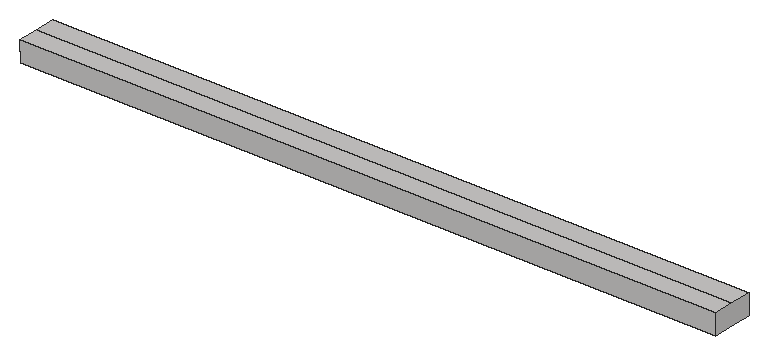
Revit family "Lighting_Ceiling-Mounted_Zero_Grid_Ceiling", category Lighting Fixtures, host Face, Revit 2020 (continued)
Definition of nested family "grid-ceiling"
  Lines and regions (mm)
    symbolic lines, detail levels fine
      curve 785: line (-410.8, 48, 0) -> (-410.8, -48, 0)
      curve 786: line (-398.9, 48, 0) -> (-398.9, -48, 0)
      curve 787: line (-387, 48, 0) -> (-387, -48, 0)
      curve 788: line (-375.1, 48, 0) -> (-375.1, -48, 0)
      curve 789: line (-363.2, 48, 0) -> (-363.2, -48, 0)
      curve 790: line (-351.3, 48, 0) -> (-351.3, -48, 0)
      curve 791: line (-339.4, 48, 0) -> (-339.4, -48, 0)
      curve 792: line (-327.5, 48, 0) -> (-327.5, -48, 0)
      curve 793: line (-315.6, 48, 0) -> (-315.6, -48, 0)
      curve 794: line (-303.7, 48, 0) -> (-303.7, -48, 0)
      curve 795: line (-291.8, 48, 0) -> (-291.8, -48, 0)
      curve 796: line (-279.9, 48, 0) -> (-279.9, -48, 0)
      curve 797: line (-268, 48, 0) -> (-268, -48, 0)
      curve 798: line (-256.1, 48, 0) -> (-256.1, -48, 0)
      curve 799: line (-244.2, 48, 0) -> (-244.2, -48, 0)
      curve 800: line (-232.3, 48, 0) -> (-232.3, -48, 0)
      curve 801: line (-220.4, 48, 0) -> (-220.4, -48, 0)
      curve 802: line (-208.5, 48, 0) -> (-208.5, -48, 0)
      curve 803: line (-196.6, 48, 0) -> (-196.6, -48, 0)
      curve 804: line (-184.7, 48, 0) -> (-184.7, -48, 0)
      curve 805: line (-172.8, 48, 0) -> (-172.8, -48, 0)
      curve 806: line (-160.9, 48, 0) -> (-160.9, -48, 0)
      curve 807: line (-149, 48, 0) -> (-149, -48, 0)
      curve 808: line (-137.1, 48, 0) -> (-137.1, -48, 0)
      curve 809: line (-125.2, 48, 0) -> (-125.2, -48, 0)
      curve 810: line (-113.3, 48, 0) -> (-113.3, -48, 0)
      curve 811: line (-101.4, 48, 0) -> (-101.4, -48, 0)
      curve 812: line (-89.5, 48, 0) -> (-89.5, -48, 0)
      curve 813: line (-77.6, 48, 0) -> (-77.6, -48, 0)
      curve 814: line (-65.7, 48, 0) -> (-65.7, -48, 0)
      curve 815: line (-53.8, 48, 0) -> (-53.8, -48, 0)
      curve 816: line (-41.9, 48, 0) -> (-41.9, -48, 0)
      curve 817: line (-30, 48, 0) -> (-30, -48, 0)
      curve 818: line (-18.1, 48, 0) -> (-18.1, -48, 0)
      curve 819: line (-6.2, 48, 0) -> (-6.2, -48, 0)
      curve 820: line (-0.307, 35, 0) -> (-601.2, 35, 0)
      curve 821: line (-601.9, 48, 0) -> (-601.9, -48, 0)
      curve 822: line (-0.307, -35, 0) -> (-601.2, -35, 0)
      curve 823: line (601.2, 37.3, 0) -> (-0.307, 37.3, 0)
      curve 824: line (601.2, 37.3, 0) -> (601.2, -35, 0)
      curve 825: line (0.307, -35, 0) -> (601.2, -35, 0)
      curve 826: line (601.2, 37.3, 0) -> (-0.307, 37.3, 0)
      curve 827: line (601.2, 37.3, 0) -> (601.2, -35, 0)
      curve 828: line (0.307, 35, 0) -> (601.2, 35, 0)
      curve 829: line (601.2, 37.3, 0) -> (601.2, -35, 0)
      curve 830: line (601.9, 0, 35) -> (-601.9, 0, 35)
      curve 831: line (0, 35, 35) -> (0, 0, 35)
      curve 832: line (0, 0, 35) -> (0, -35, 35)
    symbolic lines, detail levels medium+fine
      curve 670: line (-625, 0, 96) -> (-625, 0, 0)
      curve 671: line (-625, 0, 0) -> (625, 0, 0)
      curve 672: line (-625, 0, 96) -> (625, 0, 96)
      curve 673: line (625, 0, 0) -> (625, 0, 96)
      curve 674: line (0, -48, 96) -> (0, 48, 96)
      curve 675: line (0, 48, 96) -> (0, 48, 0)
      curve 676: line (0, -48, 96) -> (0, -48, 0)
      curve 677: line (0, -48, 0) -> (0, 48, 0)
      curve 694: line (-0.307, 48, 0) -> (625, 48, 0)
      curve 695: line (625, 48, 0) -> (625, -48, 0)
      curve 696: line (-0.307, -48, 0) -> (625, -48, 0)
      curve 757: line (-0.307, 48, 0) -> (-625, 48, 0)
      curve 758: line (-625, 48, 0) -> (-625, -48, 0)
      curve 759: line (-0.307, -48, 0) -> (-625, -48, 0)
  Dimensions and locks
    aligned and locked: level to plane 2
    aligned and locked: curve 547 to Extrusion 1
    aligned and locked: curve 549 to Extrusion 1
    aligned and locked: curve 550 to Extrusion 1
    aligned and locked: curve 551 to Extrusion 1
    aligned and locked: curve 552 to Extrusion 1
    aligned and locked: curve 553 to Extrusion 1
    aligned and locked: curve 662 to curve 293
    aligned and locked: curve 663 to curve 294
    aligned and locked: curve 664 to curve 295
    aligned and locked: curve 665 to curve 296
    aligned and locked: curve 666 to curve 297
    aligned and locked: curve 667 to curve 298
    aligned and locked: curve 668 to curve 299
    aligned and locked: curve 669 to curve 300
    aligned and locked: curve 670 to curve 302
    aligned and locked: curve 671 to curve 303
    aligned and locked: curve 672 to curve 546
    aligned and locked: curve 673 to curve 304
    aligned and locked: curve 674 to curve 540
    aligned and locked: curve 675 to curve 177
    aligned and locked: curve 676 to curve 302
    aligned and locked: curve 677 to curve 130
    aligned and locked: curve 678 to curve 138
    aligned and locked: curve 679 to curve 137
    aligned and locked: curve 680 to curve 136
    aligned and locked: curve 681 to curve 135
    aligned and locked: curve 682 to curve 134
    aligned and locked: curve 683 to curve 133
    aligned and locked: curve 684 to curve 132
    aligned and locked: curve 685 to curve 131
    aligned and locked: curve 686 to curve 139
    aligned and locked: curve 687 to curve 140
    aligned and locked: curve 688 to curve 141
    aligned and locked: curve 689 to curve 142
    aligned and locked: curve 690 to curve 143
    aligned and locked: curve 691 to curve 144
    aligned and locked: curve 692 to curve 145
    aligned and locked: curve 693 to curve 146
    aligned and locked: curve 830 to Extrusion 1
    aligned and locked: curve 831 to Extrusion 1
    aligned and locked: curve 832 to Extrusion 1
Types (12, lengths in mm): name | Wattage | TotalWattage | Photometric Web File | ModelType | Model | ModelNumber | built-in parameter 1150105 | Lumens | built-in parameter 1150106 | Dimming | ArticleNumber | Accessories
  Grid ceiling Square T5 Eco 25/28W | 17.6718 W | 25 W | "Grid8136.IES" | grid-ceiling : grid-ceiling | "Grid ceiling Square holes T5 Eco 25/28W" | "8136-1-XX" | 208.89 (stored number, unit not read) | 2625 lm | 2.0889 (stored number, unit not read) | "None" | "8136-1-XX" | "Reflector T5 (98130-1-82)"
  Grid ceiling Expanded T5 Eco 25/28W | 17.6718 W | 25 W | "Grid81371-28W.IES" | grid-ceiling-fencing : grid-ceiling-fencing | "Grid ceiling Expanded metal T5 Eco 25/28W" | "8137-1-XX" | 208.89 (stored number, unit not read) | 2625 lm | 2.0889 (stored number, unit not read) | "None" | "8137-1-XX" | "Reflector T5 (98130-1-82)"
  Grid ceiling Expanded T5 Eco 25/28W HFF | 17.6718 W | 25 W | "Grid81371-28W.IES" | grid-ceiling-fencing : grid-ceiling-fencing | "Grid ceiling Expanded metal T5 Eco 25/28W HFF" | "8137-1-XXHFF" | 208.89 (stored number, unit not read) | 2625 lm | 2.0889 (stored number, unit not read) | "Dimmable with DALI, DSI, SwitchDim" | "8137-1-XXHFF" | "Reflector T5 (98130-1-82)"
  Grid ceiling Square T5 Eco 25/28W HFF | 16.4937 W | 25 W | "Grid8136.IES" | grid-ceiling : grid-ceiling | "Grid ceiling Square holes T5 Eco 25/28W HFF" | "8136-1-XXHFF" | 194.96 (stored number, unit not read) | 2450 lm | 1.9496 (stored number, unit not read) | "Dimmable with DALI, DSI, SwitchDim" | "8136-1-XXHFF" | "Reflector T5 (98130-1-82)"
  Grid ceiling Expanded LED 1414LM/19W | 9.5192 W | 19 W | "Grid8142-withreflector.IES" | grid-ceiling-fencing : grid-ceiling-fencing | "Grid ceiling Expanded metal LED 1414LM/19W" | "8142-1-XX" | 112.52 (stored number, unit not read) | 1414 lm | 1.1252 (stored number, unit not read) | "None" | "8142-1-XX" | "Reflector LED (98126-1-82)"
  Grid ceiling Square LED 1414LM/19W | 9.5192 W | 19 W | "Grid8141-withreflector.IES" | grid-ceiling : grid-ceiling | "Grid ceiling Square holes LED 1414LM/19W" | "8141-1-XX" | 112.52 (stored number, unit not read) | 1414 lm | 1.1252 (stored number, unit not read) | "None" | "8141-1-XX" | "Reflector LED (98126-1-82)"
  Grid ceiling Expanded LED 1414LM/19W HFF | 9.5192 W | 19 W | "Grid8142-withreflector.IES" | grid-ceiling-fencing : grid-ceiling-fencing | "Grid ceiling Expanded metal LED 1414LM/19W HFF" | "8142-1-XXHFF" | 112.52 (stored number, unit not read) | 1414 lm | 1.1252 (stored number, unit not read) | "Dimmable with DALI, DSI, SwitchDim" | "8142-1-XXHFF" | "Reflector LED (98126-1-82)"
  Grid ceiling Square LED 1414LM/19W HFF | 9.5192 W | 19 W | "Grid8141-withreflector.IES" | grid-ceiling : grid-ceiling | "Grid ceiling Square holes LED 1414LM/19W HFF" | "8141-1-XXHFF" | 112.52 (stored number, unit not read) | 1414 lm | 1.1252 (stored number, unit not read) | "Dimmable with DALI, DSI, SwitchDim" | "8141-1-XXHFF" | "Reflector LED (98126-1-82)"
  Grid ceiling Expanded LED 2210LM/33W | 14.878 W | 33 W | "Grid8139-1.IES" | grid-ceiling-fencing : grid-ceiling-fencing | "Grid ceiling Expanded metal LED 2210LM/33W" | "8139-1-XX" | 175.87 (stored number, unit not read) | 2210 lm | 1.7587 (stored number, unit not read) | "None" | "8139-1-XX" | "Reflector LED (98126-1-82)"
  Grid ceiling Square LED 2210LM/33W | 14.878 W | 33 W | "Grid81381-refl.IES" | grid-ceiling : grid-ceiling | "Grid ceiling Square holes LED 2210LM/33W" | "8138-1-XX" | 175.87 (stored number, unit not read) | 2210 lm | 1.7587 (stored number, unit not read) | "None" | "8138-1-XX" | "Reflector LED (98126-1-82)"
  Grid ceiling Square LED 2210LM/33W HFF | 14.878 W | 33 W | "Grid81381-refl.IES" | grid-ceiling : grid-ceiling | "Grid ceiling Square holes LED 2210LM/33W HFF" | "8138-1-XXHFF" | 1032.9 (stored number, unit not read) | 2210 lm | 10.329 (stored number, unit not read) | "Dimmable with DALI, DSI, SwitchDim" | "8138-1-XXHFF" | "Reflector LED (98126-1-82)"
  Grid ceiling Expanded LED 2210LM/33W HFF | 14.878 W | 33 W | "Grid8139-1.IES" | grid-ceiling-fencing : grid-ceiling-fencing | "Grid ceiling Expanded metal LED 2210LM/33W HFF" | "8139-1-XXHFF" | 175.87 (stored number, unit not read) | 2210 lm | 1.7587 (stored number, unit not read) | "Dimmable with DALI, DSI, SwitchDim" | "8139-1-XXHFF" | "Reflector LED (98126-1-82)"
